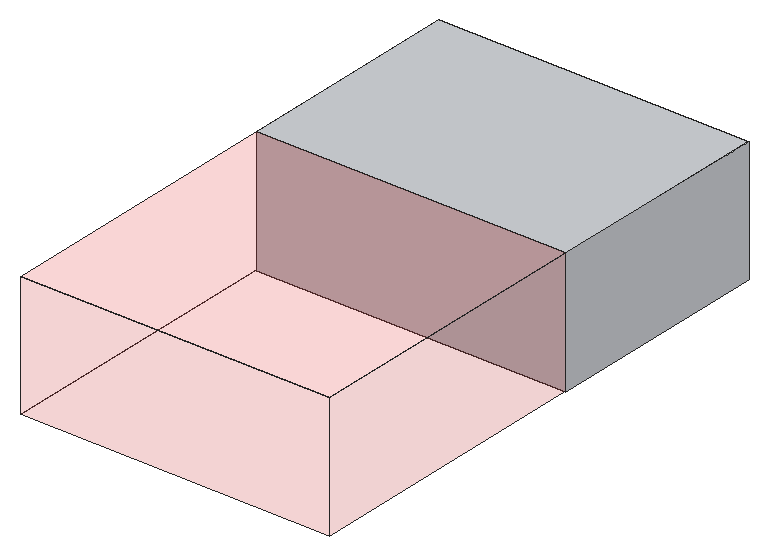
Revit family "ObjectSubCategoryTest", category Specialty Equipment, Revit 2018
Family settings
  Round Connector Dimension = Use Diameter
  Part Type = Normal
  Work Plane-Based = No
  Always vertical = Yes
  Cut with Voids When Loaded = No
  Shared = No
  Room Calculation Point = No
Parameters
  Width = 2' - 5.87174"
  Height = 2' - 1.79174"
  Depth = 1' - 10"
  Clearance = 2' - 4.46631"
Reference planes (in)
  plane 1 "Center (Front/Back)": y = 0
  plane 2: z = 0
  plane 3 "Center (Left/Right)": x = 0
  plane 4: x = 14.93587
  plane 5: x = -14.93587
  plane 6: y = 11
  plane 7: y = -11
  plane 8: y = -39.46631
  plane 9: z = 25.79174
Forms (in)
  Extrusion 1, solid
    sketch origin (0, 0, 0) x (1, 0, 0) y (0, 1, 0)
      loop
        line (-14.93587, -11) -> (14.93587, -11) -> (14.93587, 11) -> (-14.93587, 11) -> (-14.93587, -11)
    from 0 to 12
  Extrusion 2, solid
    sketch origin (0, 0, 0) x (1, 0, 0) y (0, 1, 0)
      loop
        line (-14.93587, 11) -> (-14.93587, -39.46631) -> (14.93587, -39.46631) -> (14.93587, 11) -> (-14.93587, 11)
    from 0 to 12
Dimensions and locks (in)
  equal spacing: plane 6, plane 1 "Center (Front/Back)", plane 7
  "Depth": plane 6 to plane 7
  equal spacing: plane 5, plane 3 "Center (Left/Right)", plane 4
  "Width": plane 5 to plane 4
  "Clearance": plane 7 to plane 8
  "Height": plane 9 to plane 2
  aligned and locked: level to plane 2
Automatic sketch dimensions
  Extrusion 1 sketch curve to plane 5 = 0' - 0"
  Extrusion 1 sketch curve to plane 4 = 0' - 0"
  Extrusion 1 sketch curve to plane 7 = 0' - 0"
  Extrusion 1 sketch curve to plane 6 = 0' - 0"
  Extrusion 2 sketch curve to plane 5 = 0' - 0"
  Extrusion 2 sketch curve to plane 4 = 0' - 0"
  Extrusion 2 sketch curve to plane 8 = 0' - 0"
  Extrusion 2 sketch curve to plane 6 = 0' - 0"
